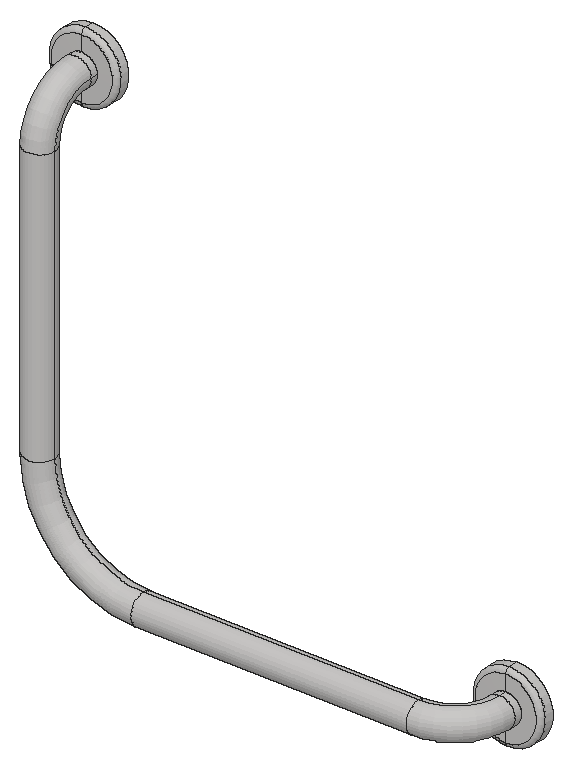
Revit family "RBA4901-450", category Plumbing Fixtures, Revit 2021
Family settings
  Round Connector Dimension = Use Diameter
  Part Type = Normal
  Work Plane-Based = No
  Always vertical = Yes
  Cut with Voids When Loaded = No
  Shared = Yes
  Room Calculation Point = No
Parameters
  Watermarked By = "www.rba.com.au"
  URL = "www.rba.com.au"
  Phone Number = ""
  OFFSET [instance] = 800.00 mm
  Modified Issue = "20180918.01"
  Model = "RBA4801-450"
  Materials and Finishes = Stainless Steel Satin Finish
  Manufacturer = "RBA Group"
  Lgth = 900.00 mm
  Diameter = 32.00 mm
  Description = "RTA SSS Single Wall 90° Rail, 450mm x 450mm"
  Default Elevation = 0.00 mm
  Copyrighted by = "RBA Group"  # constant formula
Reference planes
  plane 1 "Center (Front/Back)": y = 0
  plane 2: z = 0
  plane 3 "Center (Left/Right)": x = 0
  plane 4: z = 800
  plane 5: z = 784
  plane 6: z = 1234
  plane 7: y = -55
  plane 8: y = -71
  plane 9: y = -87
  plane 10: x = -16
Forms (mm)
  Revolve 1, solid, material "Stainless Steel Satin Finish" <- "Materials and Finishes"
    sketch origin (159.282, 0, 0.016) x (0, 1, 0) y (0, 0, -1)
      loop
        line (-14.798, -1233.984) -> (-14.798, -1249.984)
        arc (-14.798, -1249.984) -> (-14.721, -1258.245) -> (-14.663, -1266.534) r 3642.758
        arc (-14.663, -1266.534) -> (-13.194, -1270.036) -> (-9.683, -1271.484) r 4.979
        line (-9.683, -1271.484) -> (0, -1271.484) -> (0, -1233.984) -> (-14.798, -1233.984)
      axis (0, -1233.984) -> (-14.798, -1233.984)
    angle from 0 to 360
  Extrusion 2, void
    sketch origin (159.282, 0, 0) x (-1, 0, 0) y (0, 0, -1)
      loop
        circle (0, -1234) r 36
    from 0 to 2.847
  Sweep 3, solid, material "Stainless Steel Satin Finish" <- "Materials and Finishes"
    path origin (159.282, 0, 0) x (0, 1, 0) y (0, 0, -1)
      loop
        line (-14.798, -1234) -> (-23, -1234)
        arc (-23, -1234) -> (-56.941, -1219.941) -> (-71, -1186) r 48
    profile origin (159.282, -18.899, 1234) x (0, 0, 1) y (-1, 0, 0)
      loop
        circle (0, 0) r 16
  Revolve 4, solid, material "Stainless Steel Satin Finish" <- "Materials and Finishes"
    sketch origin (609.282, 0, -449.984) x (0, 1, 0) y (0, 0, -1)
      loop
        line (-14.798, -1233.984) -> (-14.798, -1249.984)
        arc (-14.798, -1249.984) -> (-14.721, -1258.245) -> (-14.663, -1266.534) r 3642.758
        arc (-14.663, -1266.534) -> (-13.194, -1270.036) -> (-9.683, -1271.484) r 4.979
        line (-9.683, -1271.484) -> (0, -1271.484) -> (0, -1233.984) -> (-14.798, -1233.984)
      axis (0, -1233.984) -> (-14.798, -1233.984)
    angle from 0 to 360
  Extrusion 5, void
    sketch origin (609.282, 0, -450) x (-1, 0, 0) y (0, 0, -1)
      loop
        circle (0, -1234) r 36
    from 0 to 2.847
  Sweep 6, solid, material "Stainless Steel Satin Finish" <- "Materials and Finishes"
    path origin (-624.718, 0, 784) x (0, 1, 0) y (-1, 0, 0)
      loop
        line (-14.798, -1234) -> (-23, -1234)
        arc (-23, -1234) -> (-56.941, -1219.941) -> (-71, -1186) r 48
    profile origin (609.282, -18.899, 784) x (1, 0, 0) y (0, 0, 1)
      loop
        circle (0, 0) r 16
  Sweep 7, solid, material "Stainless Steel Satin Finish" <- "Materials and Finishes"
    path origin (159.282, -71, 0) x (-1, 0, 0) y (0, 0, -1)
      loop
        line (0, -1186) -> (0, -894)
        arc (0, -894) -> (-32.218, -816.218) -> (-110, -784) r 110
        line (-110, -784) -> (-402, -784)
    profile origin (159.282, -71, 1040) x (0, -1, 0) y (1, 0, 0)
      loop
        circle (0, 0) r 16
  Extrusion 8, void
    sketch origin (0, 0, 0) x (1, 0, 0) y (0, 0, 1)
      loop
        circle (131.782, 1234) r 5
      loop
        circle (186.782, 1234) r 5
      loop
        circle (581.782, 784) r 5
      loop
        circle (636.782, 784) r 5
    from 2.85 to 5.82
Cuts and joins
  Extrusion 2, Extrusion 8 cuts Revolve 1
  Extrusion 5, Extrusion 8 cuts Revolve 4
  joined: Sweep 3, Sweep 6, Sweep 7
Dimensions and locks
  plane 6 to plane 5 = 450.00 mm
  aligned and locked: level to plane 2
